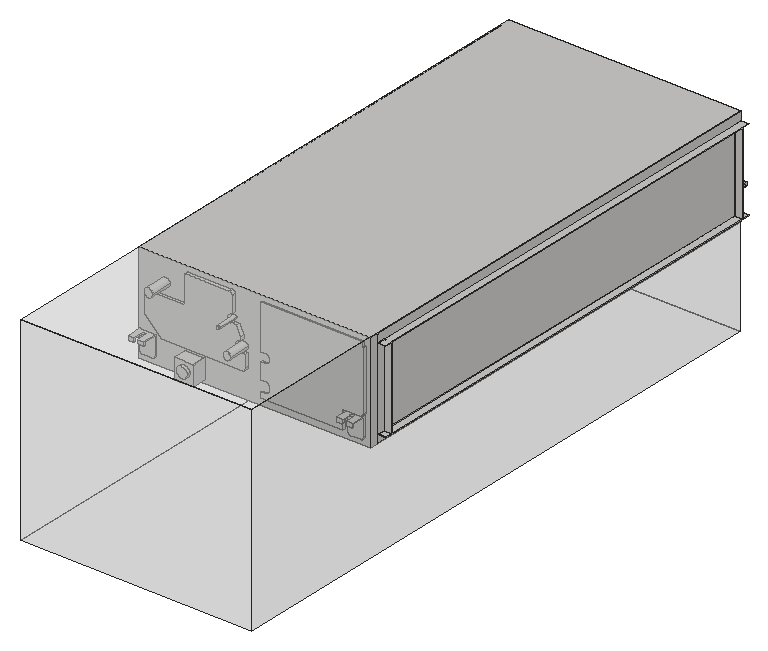
Revit family "outputfile", category 機械設備, Revit 2024
Family settings
  丸型コネクタ寸法 = 半径を使用
  パーツ タイプ = 標準
  OmniClass 番号 = 23.75.10.24.21.27.27
  OmniClass タイトル = Split System Air Conditioning Units
  作業面ベース = いいえ
  常に垂直 = はい
  ロード時にボイドで切り取り = いいえ
  注釈の向きを維持 = いいえ
  共有 = いいえ
  部屋計算ポイント = はい
Parameters (values of type "FXMQ250BFV2S")
  Description = ""
  製造元 = "Daikin"
  書き出し IFC クラス(タイプ) = "IfcUnitaryEquipmentType"
  定義済み IFC タイプ(タイプ) = "AIRCONDITIONINGUNIT"
  Cost = 0
  モデル = "FXMQ250BFV2S"
  Type Comments = ""
  Keynote = ""
  Type Image = (empty or 0)
  Assembly Code = ""
  w_dischargeflange = 1205.0 mm
  w_suctionflange = 1370.0 mm
  r_Liquid Pipe Size = Liquid Pipe Size / 2  # 4.75 mm
  r_Gas Pipe Size = Gas Pipe Size / 2  # 11.1 mm
  r_Drain Pipe Size = Drain Pipe Size / 2  # 12.5 mm
  lw_powersupply = 380.0 mm  # constant formula
  lw_mountinghole_pitch = 631.0 mm  # constant formula
  lw_mountinghole = 27.0 mm  # constant formula
  lw_maintenacesocket = 169.0 mm  # constant formula
  lw_liquidpipe = 290.0 mm  # constant formula
  lw_gaspipe = 318.0 mm  # constant formula
  lw_drainpipe = 80.0 mm  # constant formula
  lh_dischargeflange = 165.0 mm  # constant formula
  lh_powersupply = 56.0 mm  # constant formula
  lh_maintenacesocket = 40.0 mm  # constant formula
  lh_liquidpipe = 212.0 mm  # constant formula
  lh_gaspipe = 144.0 mm  # constant formula
  lh_drainpipe = 232.0 mm  # constant formula
  lh_suctionflange = 150.0 mm  # constant formula
  lh_antena = Height - lh_mountinghole + 1.0 mm  # 221.0 mm
  ld_dischargeflange = 635.0 mm
  ld_powersupply = Depth / 2  # 700.0 mm
  ld_mountinghole_pitch = 1438.0 mm
  ld_suctionflange = 713.0 mm
  h_dischargeflange = 265.0 mm  # constant formula
  lh_mountinghole = 80.0 mm  # constant formula
  h_mountinghole = [h***] + lh_mountinghole  # 80.0 mm
  h_suctionflange = 297.0 mm  # constant formula
  h*** = 0.0 mm  # constant formula
  d_dischargeflange = 25.0 mm  # constant formula
  d_pipe = 65.0 mm
  d_suctionflange = 25.0 mm  # constant formula
  Width = 700.0 mm
  Voltage_comment_50Hz = "220-240"
  Voltage_50Hz = 230 V
  Version = "ver.1.0"
  Unit Type = "Outdoor Air Processing Unit"
  Unit Mass Weight = 47.00 kg
  Unit Designation [instance] = ""
  Uniclass2015Version = "Products v1.30"
  Uniclass2015Title = "Variable refrigerant flow units"
  Uniclass2015Code = "Pr_70_65_03_94"
  URL = ""
  Total Cooling Capacity [instance] = 0.000 kW
  Supply Air Direction [instance] = yes
  Sound Pressure Level_M speed (dBA) = 36
  Sound Pressure Level_L speed (dBA) = 27
  Sound Pressure Level_H speed (dBA) = 44
  Sound Power Level_H speed (dB) = 0
  Series = "VRV Fan Coil Unit"
  Sensible Cooling Capacity [instance] = 0.000 kW
  SA Duct Size Width = 1160.0 mm
  SA Duct Size Height = 215.0 mm
  Refrigerant Type = "R410A"
  Power Input (Cooling) = 0.180 kW
  Phase_50Hz = 1
  Option Accessory 3 [instance] = ""
  Option Accessory 2 [instance] = ""
  Option Accessory 1 [instance] = ""
  OA Duct Size Width = 1325.0 mm
  OA Duct Size Height = 247.0 mm
  Nominal Cooling Capacity = 28.000 kW
  Minimum External Static Pressure = 50.00 Pa
  Minimum Circuit Amps_50Hz = 3.38 A
  Minimum Airflow = 1080.00 m³/h
  Median Airflow = 1620.00 m³/h
  Maximum Fuse Amps_50Hz = 16.0 A
  Maximum External Static Pressure = 200.00 Pa
  Maximum Airflow = 2160.00 m³/h
  Material_Casing = DAIKIN_GalvanizedSteel_Casing_indoorunit
  Load Classification = HVAC
  Liquid Pipe Size = 9.5 mm
  Link_Nested Family [instance] = ""
  IfcVersion = "0"
  IfcExportType = "AIRCONDITIONINGUNIT"
  IfcExportAs = "IfcUnitaryEquipmentType"
  Height = 300.0 mm
  Heat Exchanger Type = "Cross Fin Coil"
  Gas Pipe Size = 22.2 mm
  Frequency_50Hz = 50 Hz
  Fan Type = "Sirocco Fan"
  Fan Drive = "Direct Drive"
  FCU Tag No. [instance] = ""
  Drain Pipe Size = 25.0 mm
  Design Supply Airflow [instance] = 0.00 m³/h
  Design Outdoor Airflow [instance] = 0.00 m³/h
  Design External Static Pressure [instance] = 0.00 Pa
  Depth = 1400.0 mm
  既定の高さ = 0.0 mm
  Cooling Entering Wet Bulb Temperature [instance] = 0.00 °C
  Cooling Entering Dry Bulb Temperature [instance] = 0.00 °C
  Cooling Ambient Wet Bulb Temperature [instance] = 0.00 °C
  Cooling Ambient Dry Bulb Temperature [instance] = 0.00 °C
  Clearance visibility [instance] = yes
  Clearance Top = 0.0 mm
  Clearance Right = 0.0 mm
  Clearance Rear = 0.0 mm
  Clearance Left = 0.0 mm
  Clearance Front = 450.0 mm
  Clearance Bottom = 300.0 mm
Reference planes
  plane 1 "Center (Front/Back)": y = 0
  plane 2: z = 0
  plane 3 "Center (Left/Right)": x = 0
  plane 4 "Back": y = 700
  plane 5 "Front": y = -700
  plane 6 "Left": x = -350
  plane 7 "Right": x = 350
  plane 8 "Top": z = 0
  plane 9 "Bottom": z = -300
  plane 10: y = 700
  plane 11: y = -1150
  plane 12: x = 350
  plane 13: x = -350
  plane 14: z = 0
  plane 15: z = -600
  plane 16: y = -706
  plane 17: y = -710
  plane 18: y = -741
  plane 19: y = -749
  plane 20: y = -765
  plane 21 "ld_drainpipe": x = -270
  plane 22 "ld_liquidpipe": x = -60
  plane 23 "ld_gaspipe": x = -32
  plane 24 "lh_gaspipe": z = -156
  plane 25 "lh_drainpipe": z = -68
  plane 26 "lh_liquidpipe": z = -88
  plane 27 "h_mountinghole": z = -220
  plane 28: x = -323
  plane 29: x = 308
  plane 30: y = 719
  plane 31: y = -719
  plane 32 "lh_powersuply": z = -244
  plane 33 "ld_powersupply": x = 30
  plane 34 "lh_suctionflange": z = -150
  plane 35 "ld_suctionflange": y = 13
  plane 36 "ld_dischargeflange": y = 65
  plane 37 "lh_dischargeflange": z = -135
  plane 38 "lh_maintenacesocket": z = -260
  plane 39 "lw_maintenacesocket": x = -181
Forms (mm)
  Extrusion 1, solid, material "DAIKIN_GalvanizedSteel_Casing_indoorunit" <- "Material_Casing"
    sketch origin (0, 0, 0) x (1, 0, 0) y (0, 0, 1)
      loop
        line (-350, 0) -> (-350, -300) -> (350, -300) -> (350, 0) -> (-350, 0)
    from -700 to 700
  Extrusion 2, solid, material "DAIKIN_GalvanizedSteel_Casing_indoorunit" <- "Material_Casing"
    sketch origin (0, 0, 0) x (1, 0, 0) y (0, 0, 1)
      loop
        line (23.104, -151.299) -> (41.1, -151.326)
        arc (41.1, -151.326) -> (46.767, -153.673) -> (49.114, -159.34) r 8.015
        line (49.114, -159.34) -> (49.104, -169.302)
        arc (49.104, -169.302) -> (46.761, -174.959) -> (41.104, -177.302) r 8
        line (41.104, -177.302) -> (23.104, -177.302) -> (23.104, -227.302) -> (41.104, -227.302)
        arc (41.104, -227.302) -> (46.761, -229.645) -> (49.104, -235.302) r 8
        line (49.104, -235.302) -> (49.104, -251.302)
        arc (49.104, -251.302) -> (46.761, -256.959) -> (41.104, -259.302) r 8
        line (41.104, -259.302) -> (23.104, -259.302) -> (23.104, -274.802) -> (271.104, -274.802) -> (271.104, -224.802)
        arc (271.104, -224.802) -> (272.568, -221.266) -> (276.104, -219.802) r 5
        line (276.104, -219.802) -> (327.104, -219.802)
        spline (327.104, -219.802) -> (327.496, -219.776) -> (327.88, -219.7) -> (328.252, -219.574) -> (328.604, -219.4) -> (328.93, -219.182) -> (329.225, -218.923) -> (329.484, -218.628) -> (329.702, -218.302) -> (329.876, -217.95) -> (330.002, -217.578) -> (330.078, -217.194) -> (330.104, -216.802)
        line (330.104, -216.802) -> (330.104, -213) -> (332, -213)
        arc (332, -213) -> (334.121, -212.121) -> (335, -210) r 3
        line (335, -210) -> (335, -32)
        arc (335, -32) -> (334.121, -29.879) -> (332, -29) r 3
        line (332, -29) -> (330.104, -29) -> (330.104, -15.8) -> (23.104, -15.8) -> (23.104, -151.299)
    from 700 to 706
  Extrusion 3, solid, material "DAIKIN_GalvanizedSteel_Casing_indoorunit" <- "Material_Casing"
    sketch origin (0, 0, 0) x (1, 0, 0) y (0, 0, 1)
      loop
        line (-70, -15.8) -> (-201, -15.8)
        arc (-201, -15.8) -> (-203.121, -16.679) -> (-204, -18.8) r 3
        line (-204, -18.8) -> (-204, -102) -> (-321, -102)
        arc (-321, -102) -> (-323.121, -102.879) -> (-324, -105) r 3
        line (-324, -105) -> (-324, -167.757)
        arc (-324, -167.757) -> (-323.772, -168.905) -> (-323.121, -169.879) r 3
        line (-323.121, -169.879) -> (-274.879, -218.121)
        arc (-274.879, -218.121) -> (-273.905, -218.772) -> (-272.757, -219) r 3
        line (-272.757, -219) -> (-30, -219)
        arc (-30, -219) -> (-22.929, -216.071) -> (-20, -209) r 10
        line (-20, -209) -> (-20, -172.5) -> (-26.169, -172.5)
        arc (-26.169, -172.5) -> (-49.051, -159.94) -> (-34, -138.615) r 17.5
        line (-34, -138.615) -> (-34, -127.5) -> (-47, -100.5) -> (-56.429, -100.5)
        arc (-56.429, -100.5) -> (-72.874, -89.803) -> (-60, -75) r 13
        line (-60, -75) -> (-60, -25.8)
        arc (-60, -25.8) -> (-62.929, -18.729) -> (-70, -15.8) r 10
    from 710 to 700
  Extrusion 4, solid, material "DAIKIN_GalvanizedSteel_Casing_indoorunit" <- "Material_Casing"
    sketch origin (0, 0, 0) x (1, 0, 0) y (0, 0, 1)
      loop
        line (-209.102, -232.7) -> (-209.102, -292.398) -> (-152.898, -292.398) -> (-152.898, -232.7)
        arc (-152.898, -232.7) -> (-153.133, -232.133) -> (-153.7, -231.898) r 0.802
        line (-153.7, -231.898) -> (-208.298, -231.898)
        arc (-208.298, -231.898) -> (-208.865, -232.133) -> (-209.102, -232.7) r 0.802
    from 700 to 741
  Extrusion 5, solid, material "DAIKIN_GalvanizedSteel_Casing_indoorunit" <- "Material_Casing"
    sketch origin (0, 0, 0) x (1, 0, 0) y (0, 0, 1)
      loop
        circle (-181, -260) r 16.5
    from 741 to 749
  Extrusion 6, solid, material "DAIKIN_GalvanizedSteel_Casing_indoorunit" <- "Material_Casing"
    sketch origin (0, 0, 0) x (1, 0, 0) y (0, 0, 1)
      loop
        circle (-270, -68) r 12.5
      loop
        circle (-60, -88) r 4.75
      loop
        circle (-32, -156) r 11.1
    from 700 to 765
Dimensions and locks
  "Height": plane 8 "Top" to plane 9 "Bottom"
  equal spacing: plane 6 "Left", plane 3 "Center (Left/Right)", plane 7 "Right", locked at 350 each
  "Width": plane 6 "Left" to plane 7 "Right"
  equal spacing: plane 4 "Back", plane 1 "Center (Front/Back)", plane 5 "Front"
  "Depth": plane 4 "Back" to plane 5 "Front"
  "Clearance Left": plane 13 to plane 6 "Left"
  "Clearance Right": plane 7 "Right" to plane 12
  "Clearance Rear": plane 10 to plane 4 "Back"
  "Clearance Front": plane 5 "Front" to plane 11
  "Clearance Top": plane 14 to plane 8 "Top"
  "Clearance Bottom": plane 9 "Bottom" to plane 15
  Extrusion 2 sketch curve to Extrusion 2 sketch curve to Extrusion 2 sketch curve = 307.0 mm locked, 4.896 mm locked
  Extrusion 2 sketch curve to Extrusion 2 sketch curve to Extrusion 2 sketch curve to Extrusion 2 sketch curve to Extrusion 2 sketch curve = 26.0 mm locked, 222.0 mm locked, 59.0 mm locked, 4.896 mm locked
  locked: Extrusion 2 sketch curve to Extrusion 2 sketch curve at 26.01
  locked: Extrusion 2 sketch curve to nested 1 at 23.104
  locked: Extrusion 2 sketch curve to plane 3 "Center (Left/Right)" at 23.104
  plane 3 "Center (Left/Right)" to Extrusion 2 sketch curve = 23.104 mm
  Extrusion 2 sketch curve to Extrusion 2 sketch curve to Extrusion 2 sketch curve to Extrusion 2 sketch curve to Extrusion 2 sketch curve = 161.502 mm locked, 50.0 mm locked, 32.0 mm locked, 15.5 mm locked
  locked: Extrusion 2 sketch curve to Extrusion 2 sketch curve at 68.127
  locked: Extrusion 2 sketch curve to Extrusion 2 sketch curve at 13.2
  locked: Extrusion 2 sketch curve to Extrusion 2 sketch curve at 6.802
  locked: Extrusion 2 sketch curve to Extrusion 2 sketch curve at 55
  locked: plane 5 "Front" to plane 16 at 6
  locked: plane 5 "Front" to plane 17 at 10
  locked: plane 5 "Front" to plane 18 at 41
  "d_pipe": plane 5 "Front" to plane 20
  "lw_drainpipe": plane 6 "Left" to plane 21 "ld_drainpipe"
  "lw_liquidpipe": plane 6 "Left" to plane 22 "ld_liquidpipe"
  "lw_gaspipe": plane 6 "Left" to plane 23 "ld_gaspipe"
  "lh_gaspipe": plane 24 "lh_gaspipe" to plane 9 "Bottom"
  "lh_liquidpipe": plane 26 "lh_liquidpipe" to plane 9 "Bottom"
  "lh_drainpipe": plane 25 "lh_drainpipe" to plane 9 "Bottom"
  "lh_mountinghole": plane 27 "h_mountinghole" to plane 9 "Bottom"
  "lw_mountinghole": plane 6 "Left" to plane 28
  "lw_mountinghole_pitch": plane 28 to plane 29
  equal spacing: plane 30, plane 1 "Center (Front/Back)", plane 31
  "ld_mountinghole_pitch": plane 30 to plane 31
  locked: Extrusion 3 sketch curve to plane 6 "Left" at 146
  locked: Extrusion 3 sketch curve to plane 6 "Left" at 290
  locked: plane 6 "Left" to Extrusion 3 sketch curve at 26
  locked: Extrusion 3 sketch curve to plane 6 "Left" at 316
  locked: Extrusion 3 sketch curve to plane 6 "Left" at 330
  locked: Extrusion 3 sketch curve to plane 9 "Bottom" at 81
  locked: Extrusion 3 sketch curve to plane 9 "Bottom" at 284.2
  locked: Extrusion 3 sketch curve to plane 9 "Bottom" at 199.5
  locked: Extrusion 3 sketch curve to plane 9 "Bottom" at 127.5
  locked: Extrusion 3 sketch curve to plane 9 "Bottom" at 198
  "lh_powersupply": plane 32 "lh_powersuply" to plane 9 "Bottom"
  "lw_powersupply": plane 6 "Left" to plane 33 "ld_powersupply"
  "lh_suctionflange": plane 34 "lh_suctionflange" to plane 9 "Bottom"
  "ld_suctionflange": plane 35 "ld_suctionflange" to plane 5 "Front"
  "ld_dischargeflange": plane 4 "Back" to plane 36 "ld_dischargeflange"
  "lh_dischargeflange": plane 37 "lh_dischargeflange" to plane 9 "Bottom"
  locked: plane 5 "Front" to plane 19 at 49
  "lh_maintenacesocket": plane 38 "lh_maintenacesocket" to plane 9 "Bottom"
  "lw_maintenacesocket": plane 6 "Left" to plane 39 "lw_maintenacesocket"
  equal spacing: Extrusion 4 sketch curve, plane 39 "lw_maintenacesocket", Extrusion 4 sketch curve
  locked: Extrusion 4 sketch curve to Extrusion 4 sketch curve at 56.204
  Extrusion 4 sketch curve to plane 38 "lh_maintenacesocket" to Extrusion 4 sketch curve = 28.102 mm locked, 32.398 mm locked
  "r_Drain Pipe Size": radius of Extrusion 6 sketch curve
  "r_Liquid Pipe Size": radius of Extrusion 6 sketch curve
  "r_Gas Pipe Size": radius of Extrusion 6 sketch curve
  aligned and locked: level to plane 2
  aligned and locked: Extrusion 1 sketch curve to plane 8 "Top"
  aligned and locked: plane 6 "Left" to Extrusion 1 sketch curve
  aligned and locked: plane 9 "Bottom" to Extrusion 1 sketch curve
  aligned and locked: Extrusion 1 sketch curve to plane 7 "Right"
  aligned and locked: plane 4 "Back" to Extrusion 1
  aligned and locked: Extrusion 1 to plane 5 "Front"
  aligned and locked: plane 10 to nested 1
  aligned and locked: plane 11 to nested 1
  aligned and locked: plane 12 to nested 1
  aligned and locked: nested 1 to plane 13
  aligned and locked: plane 15 to nested 1
  aligned and locked: plane 14 to nested 1
  aligned and locked: Extrusion 2 to plane 16
  aligned and locked: plane 5 "Front" to Extrusion 2
  aligned and locked: Extrusion 4 to plane 18
  aligned and locked: plane 5 "Front" to Extrusion 4
  aligned and locked: Extrusion 5 to plane 19
  aligned and locked: plane 18 to Extrusion 5
  aligned and locked: plane 25 "lh_drainpipe" to Extrusion 6 sketch curve
  aligned and locked: plane 21 "ld_drainpipe" to Extrusion 6 sketch curve
  aligned and locked: plane 26 "lh_liquidpipe" to Extrusion 6 sketch curve
  aligned and locked: plane 22 "ld_liquidpipe" to Extrusion 6 sketch curve
  aligned and locked: plane 23 "ld_gaspipe" to Extrusion 6 sketch curve
  aligned and locked: plane 24 "lh_gaspipe" to Extrusion 6 sketch curve
  aligned and locked: Extrusion 6 to plane 20
  aligned and locked: plane 5 "Front" to Extrusion 6
  aligned and locked: nested 2 to plane 5 "Front"
  aligned and locked: nested 2 to plane 21 "ld_drainpipe"
  aligned and locked: plane 25 "lh_drainpipe" to nested 2
  aligned and locked: nested 3 to plane 5 "Front"
  aligned and locked: nested 4 to plane 5 "Front"
  aligned and locked: plane 26 "lh_liquidpipe" to nested 3
  aligned and locked: plane 24 "lh_gaspipe" to nested 4
  aligned and locked: plane 29 to nested 5
  aligned and locked: plane 4 "Back" to nested 5
  aligned and locked: plane 27 "h_mountinghole" to nested 5
  aligned and locked: plane 28 to nested 6
  aligned and locked: plane 4 "Back" to nested 6
  aligned and locked: plane 27 "h_mountinghole" to nested 6
  aligned and locked: nested 7 to plane 29
  aligned and locked: plane 5 "Front" to nested 7
  aligned and locked: plane 5 "Front" to nested 8
  aligned and locked: nested 8 to plane 28
  aligned and locked: nested 7 to plane 27 "h_mountinghole"
  aligned and locked: nested 8 to plane 27 "h_mountinghole"
  aligned and locked: Extrusion 3 to plane 17
  aligned and locked: plane 5 "Front" to Extrusion 3
  aligned and locked: nested 11 to plane 28
  aligned and locked: nested 11 to plane 30
  aligned and locked: nested 12 to plane 29
  aligned and locked: nested 12 to plane 30
  aligned and locked: nested 9 to plane 29
  aligned and locked: plane 31 to nested 9
  aligned and locked: nested 10 to plane 28
  aligned and locked: plane 31 to nested 10
  aligned and locked: nested 13 to plane 32 "lh_powersuply"
  aligned and locked: plane 1 "Center (Front/Back)" to nested 14
  aligned and locked: nested 14 to plane 3 "Center (Left/Right)"
  aligned and locked: plane 34 "lh_suctionflange" to nested 15
  aligned and locked: plane 7 "Right" to nested 15
  aligned and locked: plane 35 "ld_suctionflange" to nested 15
  aligned and locked: nested 16 to plane 36 "ld_dischargeflange"
  aligned and locked: nested 16 to plane 6 "Left"
  aligned and locked: plane 37 "lh_dischargeflange" to nested 16
  aligned and locked: nested 17 to plane 6 "Left"
  aligned and locked: nested 17 to plane 36 "ld_dischargeflange"
  aligned and locked: plane 7 "Right" to nested 18
  aligned and locked: plane 35 "ld_suctionflange" to nested 18
  aligned and locked: nested 18 to plane 34 "lh_suctionflange"
  aligned and locked: nested 17 to plane 37 "lh_dischargeflange"
  aligned and locked: plane 38 "lh_maintenacesocket" to Extrusion 5 sketch curve
  aligned and locked: plane 39 "lw_maintenacesocket" to Extrusion 5 sketch curve
  aligned and locked: nested 3 to plane 22 "ld_liquidpipe"
  aligned and locked: nested 4 to plane 23 "ld_gaspipe"
  aligned and locked: nested 13 to plane 33 "ld_powersupply"
  aligned and locked: level to plane 8 "Top"
Automatic sketch dimensions
  Extrusion 2 sketch curve to Extrusion 2 sketch curve = 0.027 mm
  Extrusion 2 sketch curve to Extrusion 2 sketch curve = 8.015 mm
  Extrusion 2 sketch curve to Extrusion 2 sketch curve = 8.01 mm
  Extrusion 2 sketch curve to Extrusion 2 sketch curve = 0.0 mm  (x4)
  Extrusion 2 sketch curve to Extrusion 2 sketch curve = 8.0 mm  (x3)
  Extrusion 2 sketch curve to Extrusion 2 sketch curve = 5.0 mm
  Extrusion 2 sketch curve to Extrusion 2 sketch curve = 3.0 mm  (x2)
  Extrusion 2 sketch curve to Extrusion 2 sketch curve = 1.896 mm  (x2)
  Extrusion 2 sketch curve to plane 8 "Top" = 15.8 mm
  Extrusion 4 sketch curve to Extrusion 4 sketch curve = 0.804 mm
  Extrusion 4 sketch curve to Extrusion 4 sketch curve = 0.802 mm  (x2)
  Extrusion 4 sketch curve to Extrusion 4 sketch curve = 0.0 mm
  plane 23 "ld_gaspipe" to Extrusion 3 sketch curve = 0.0 mm
  Extrusion 3 sketch curve to plane 24 "lh_gaspipe" = 0.0 mm
  Extrusion 3 sketch curve to plane 26 "lh_liquidpipe" = 0.0 mm
  plane 28 to Extrusion 3 sketch curve = 0.121 mm
  Extrusion 3 sketch curve to plane 28 = 2.0 mm  (x2)
  plane 21 "ld_drainpipe" to Extrusion 3 sketch curve = 4.879 mm
  plane 21 "ld_drainpipe" to Extrusion 3 sketch curve = 2.757 mm
  Extrusion 3 sketch curve to Extrusion 3 sketch curve = 3.0 mm  (x2)
  plane 22 "ld_liquidpipe" to Extrusion 3 sketch curve = 10.0 mm
  Extrusion 3 sketch curve to plane 22 "ld_liquidpipe" = 3.571 mm
  Extrusion 3 sketch curve to Extrusion 3 sketch curve = 9.429 mm
  Extrusion 3 sketch curve to plane 23 "ld_gaspipe" = 2.0 mm
  Extrusion 3 sketch curve to plane 23 "ld_gaspipe" = 5.831 mm
  Extrusion 3 sketch curve to plane 24 "lh_gaspipe" = 11.757 mm
  Extrusion 3 sketch curve to Extrusion 3 sketch curve = 11.115 mm
  radius of Extrusion 5 sketch curve = 16.5 mm
Nested families
  nested 1: "daikin_clearancespace" at (0, -225, -299.881), visible <- "Clearance visibility", show <- "Clearance visibility", Link_Nested Family <- "Link_Nested Family", type "daikin_clearancespace"
    with width 700.0 mm, show yes, height 600.0 mm, depth 1850.0 mm, Link_Nested Family ""
  nested 2: "daikin_connector_rotate2" at (-270, -700, -68), length <- "d_pipe", radius <- "r_Drain Pipe Size", type "daikin_connector_rotate2"
    with radius 12.5 mm, length 65.0 mm, angle_vertical 90.00°, show_face no
  nested 3: "daikin_connector_rotate2" at (-60, -700, -88), length <- "d_pipe", radius <- "r_Liquid Pipe Size", type "daikin_connector_rotate2"
    with radius 4.75 mm, length 65.0 mm, angle_vertical 90.00°, show_face no
  nested 4: "daikin_connector_rotate2" at (-32, -700, -156), length <- "d_pipe", radius <- "r_Gas Pipe Size", type "daikin_connector_rotate2"
    with radius 11.1 mm, length 65.0 mm, angle_vertical 90.00°, show_face no
  nested 5: "daikin_hangerfixture_FXMQ-BFV2S" at (308, 700, -220) x (-1, 0, 0) z (0, 0, 1), type "daikin_hangerfixture_FXMQ-BFV2S"
  nested 6: "daikin_hangerfixture_FXMQ-BFV2S" at (-323, 700, -220) x (-1, 0, 0) z (0, 0, 1), type "daikin_hangerfixture_FXMQ-BFV2S"
  nested 7: "daikin_hangerfixture_FXMQ-BFV2S" at (308, -700, -220) x (-1, 0, 0) z (0, 0, 1), type "daikin_hangerfixture_FXMQ-BFV2S"
  nested 8: "daikin_hangerfixture_FXMQ-BFV2S" at (-323, -700, -220) x (-1, 0, 0) z (0, 0, 1), type "daikin_hangerfixture_FXMQ-BFV2S"
  nested 9: "daikin_mountinghole" at (308, -719, -300), Link_Nested Family <- "Link_Nested Family", l_antenna <- "lh_antena", h_mountinghole <- "h_mountinghole", type "daikin_mountinghole"
    with show yes, l_antenna 221.0 mm, h_mountinghole 80.0 mm, Link_Nested Family ""
  nested 10: "daikin_mountinghole" at (-323, -719, -300), Link_Nested Family <- "Link_Nested Family", l_antenna <- "lh_antena", h_mountinghole <- "h_mountinghole", type "daikin_mountinghole"
    with show yes, l_antenna 221.0 mm, h_mountinghole 80.0 mm, Link_Nested Family ""
  nested 11: "daikin_mountinghole" at (-323, 719, -300), Link_Nested Family <- "Link_Nested Family", l_antenna <- "lh_antena", h_mountinghole <- "h_mountinghole", type "daikin_mountinghole"
    with show yes, l_antenna 221.0 mm, h_mountinghole 80.0 mm, Link_Nested Family ""
  nested 12: "daikin_mountinghole" at (308, 719, -300), Link_Nested Family <- "Link_Nested Family", l_antenna <- "lh_antena", h_mountinghole <- "h_mountinghole", type "daikin_mountinghole"
    with show yes, l_antenna 221.0 mm, h_mountinghole 80.0 mm, Link_Nested Family ""
  nested 13: "daikin_connector_rotate2" at (30, 0, -244), length <- "ld_powersupply", type "daikin_connector_rotate2"
    with radius 10.0 mm, length 700.0 mm, angle_vertical 90.00°, show_face no
  nested 14: "daikin_△_symbolicline" at (0, 0, 300) x (0, -1, 0) z (0, 0, 1), visible <- "Supply Air Direction", built-in parameter 1001364 <- "Height", type "daikin_△_symbolicline"
    with length 300.0 mm
  nested 15: "daikin_ductflange_FXMQ-BFV2S" at (350, 13, -298.5) x (0, 1, 0) z (0, 0, 1), depth <- "d_suctionflange", height <- "h_suctionflange", width <- "w_suctionflange", material <- "Material_Casing", type "daikin_ductflange_FXMQ-BFV2S"
    with width 1370.0 mm, top1 25.0 mm, right1 22.5 mm, material DAIKIN_GalvanizedSteel_Casing_indoorunit, left1 22.5 mm, height 297.0 mm, depth 25.0 mm, Bottom1 25.0 mm
  nested 16: "daikin_ductflange_FXMQ-BFV2S" at (-350, 65, -267.5) x (0, -1, 0) z (0, 0, 1), material <- "Material_Casing", depth <- "d_dischargeflange", height <- "h_dischargeflange", width <- "w_dischargeflange", type "daikin_ductflange_FXMQ-BFV2S"
    with width 1205.0 mm, top1 25.0 mm, right1 22.5 mm, material DAIKIN_GalvanizedSteel_Casing_indoorunit, left1 22.5 mm, height 265.0 mm, depth 25.0 mm, Bottom1 25.0 mm
  nested 17: "daikin_connector_rotate2" at (-350, 65, -135) x (0, -1, 0) z (0, 0, 1), length <- "d_dischargeflange", type "daikin_connector_rotate2"
    with radius 10.0 mm, length 25.0 mm, angle_vertical 90.00°, show_face no
  nested 18: "daikin_connector_rotate2" at (350, 13, -150) x (0, 1, 0) z (0, 0, 1), length <- "d_suctionflange", type "daikin_connector_rotate2"
    with radius 10.0 mm, length 25.0 mm, angle_vertical 90.00°, show_face no
Connectors
  piping at (-270, -765, -68), diameter 25, driven by "r_Drain Pipe Size"
    settings: on nested 2, index 1, connector inside diameter 609.6 mm, connector length 0.0 mm, flow factor 0, pipe flow 0.00 m³/h, pressure drop 0.0 Pa, fitting loss kfactor 0, connector angle 0.00°, fixture units 0, engagement length 0.0 mm, angle of deflection 0.00°, flow configuration 1, flow direction 2, fitting loss method 4, system type 16, joint type 0, gender type 0, connector reference index -1, connector utility 0, adjustable connector no, is connector primary yes, connector description "Condensate Drain Piping"
  piping at (-60, -765, -88), diameter 9.5, driven by "r_Liquid Pipe Size"
    settings: on nested 3, index 2, connector inside diameter 609.6 mm, connector length 0.0 mm, flow factor 0, pipe flow 0.00 m³/h, pressure drop 0.0 Pa, fitting loss kfactor 0, connector angle 0.00°, fixture units 0, engagement length 0.0 mm, angle of deflection 0.00°, flow configuration 1, flow direction 1, fitting loss method 0, system type 29, joint type 0, gender type 0, connector reference index -1, connector utility 0, adjustable connector no, is connector primary no, connector description "Refrigerant Liquid Piping"
  piping at (-32, -765, -156), diameter 22.2, driven by "r_Gas Pipe Size"
    settings: on nested 4, index 3, connector inside diameter 609.6 mm, connector length 0.0 mm, flow factor 0, pipe flow 0.00 m³/h, pressure drop 0.0 Pa, fitting loss kfactor 0, connector angle 0.00°, fixture units 0, engagement length 0.0 mm, angle of deflection 0.00°, flow configuration 1, flow direction 2, fitting loss method 0, system type 29, joint type 0, gender type 0, connector reference index -1, connector utility 0, adjustable connector no, is connector primary no, connector description "Refrigerant Gas Piping"
  electrical at (30, -700, -244), driven by "Load Classification"
    settings: on nested 13, index 4, voltage 0 V, apparent load 0 VA, apparent load phase1 0 VA, apparent load phase2 0 VA, apparent load phase3 0 VA, power factor 1, load classification "HVAC", number of poles 1, system type 30, power factor state 1, is connector primary yes, connector utility no, sub classification motor no, connector description "Power Supply"
  hvac at (375, 13, -150), driven by "OA Duct Size Height", driven by "OA Duct Size Width"
    settings: on nested 15, index 5, duct flow 0.00 m³/h, flow factor 0, pres drop 0.00 Pa, loss coef 0, conn angle 0.00°, conn width 1325.0 mm, conn height 247.0 mm, conn diameter 609.6 mm, duct sys type 1, conn prof type 1, flow config 0, flow direction 1, loss method 4, conn ref index -1, conn util no, is conn primary no, conn desc "OA Duct"
  hvac at (-375, 65, -135), driven by "SA Duct Size Height", driven by "SA Duct Size Width"
    settings: on nested 16, index 6, duct flow 0.00 m³/h, flow factor 0, pres drop 0.00 Pa, loss coef 0, conn angle 0.00°, conn width 1160.0 mm, conn height 215.0 mm, conn diameter 609.6 mm, duct sys type 1, conn prof type 1, flow config 0, flow direction 2, loss method 4, conn ref index -1, conn util no, is conn primary yes, conn desc "SA Duct"
Definition of nested family "daikin_clearancespace"
  Parameters (values of type "daikin_clearancespace")
    width [instance] = 1823.963 mm
    show [instance] = yes
    material = none
    height [instance] = 1359.762 mm
    depth [instance] = 880.0 mm
    Default Elevation = 0.0 mm
    Link_Nested Family [instance] = ""
  Reference planes
    plane 1 "Center (Front/Back)": y = 0
    plane 2 "Center (Elevation)": z = -0.119
    plane 3 "Center (Left/Right)": x = 0
    plane 4: y = 440
    plane 5: y = -440
    plane 6 "Right": x = 911.982
    plane 7 "Left": x = -911.982
    plane 8 "Top": z = 679.762
    plane 9 "Bottom": z = -680
  Forms (mm)
    Extrusion 1, solid, material <- "material", visible <- "show"
      sketch origin (0, 0, 0) x (1, 0, 0) y (0, 1, 0)
        loop
          line (-911.982, 440) -> (-911.982, -440) -> (911.982, -440) -> (911.982, 440) -> (-911.982, 440)
      from -680 to 679.762
  Lines and regions (mm)
    symbolic lines, visible <- "show"
      curve 1: line (911.982, 440, 0) -> (-911.982, 440, 0)
      curve 2: line (-911.982, 440, 0) -> (-911.982, -440, 0)
      curve 3: line (-911.982, -440, 0) -> (911.982, -440, 0)
      curve 4: line (911.982, -440, 0) -> (911.982, 440, 0)
      curve 5: line (911.982, 0, 679.762) -> (-911.982, 0, 679.762)
      curve 6: line (911.982, 0, -680) -> (911.982, 0, 679.762)
      curve 7: line (-911.982, 0, -680) -> (911.982, 0, -680)
      curve 8: line (-911.982, 0, 679.762) -> (-911.982, 0, -680)
      curve 9: line (0, 440, 679.762) -> (0, -440, 679.762)
      curve 10: line (0, -440, 679.762) -> (0, -440, -680)
      curve 11: line (0, 440, -680) -> (0, 440, 679.762)
      curve 12: line (0, -440, -680) -> (0, 440, -680)
  Dimensions and locks
    "width": plane 7 "Left" to plane 6 "Right"
    "depth": plane 4 to plane 5
    "height": plane 8 "Top" to plane 9 "Bottom"
    equal spacing: plane 7 "Left", plane 3 "Center (Left/Right)", plane 6 "Right"
    equal spacing: plane 4, plane 1 "Center (Front/Back)", plane 5
    equal spacing: plane 8 "Top", plane 2 "Center (Elevation)", plane 9 "Bottom"
    aligned and locked: level to plane 2 "Center (Elevation)"
    aligned and locked: Extrusion 1 sketch curve to plane 4
    aligned and locked: plane 7 "Left" to Extrusion 1 sketch curve
    aligned and locked: Extrusion 1 sketch curve to plane 5
    aligned and locked: Extrusion 1 sketch curve to plane 6 "Right"
    aligned and locked: plane 8 "Top" to Extrusion 1
    aligned and locked: curve 1 to Extrusion 1
    aligned and locked: curve 2 to Extrusion 1
    aligned and locked: curve 3 to Extrusion 1
    aligned and locked: curve 4 to Extrusion 1
    aligned and locked: curve 5 to Extrusion 1
    aligned and locked: curve 6 to Extrusion 1
    aligned and locked: curve 7 to Extrusion 1
    aligned and locked: curve 8 to Extrusion 1
    aligned and locked: curve 9 to Extrusion 1
    aligned and locked: curve 10 to Extrusion 1
    aligned and locked: curve 11 to Extrusion 1
    aligned and locked: curve 12 to Extrusion 1
    aligned and locked: Extrusion 1 to plane 9 "Bottom"
Definition of nested family "daikin_hangerfixture_FXMQ-BFV2S"
  Parameters (values of type "daikin_hangerfixture_CeilingMountedDuct")
    width = 48.0 mm
    material = none
    height = 65.0 mm
    depth = 45.0 mm
    Default Elevation = 0.0 mm
  Reference planes
    plane 1 "Center (Front/Back)": y = 0
    plane 2: z = 0
    plane 3 "Center (Left/Right)": x = 0
    plane 4: y = 417.146
    plane 5: y = -45
    plane 6: x = -24
    plane 7: x = 24
    plane 8: z = -2.3
    plane 9: z = -65
    plane 10: y = -2.3
    plane 11: z = -12
    plane 12: y = -42.7
  Forms (mm)
    Extrusion 1, solid, material <- "material"
      sketch origin (0, 0, 0) x (1, 0, 0) y (0, 1, 0)
        loop
          line (24, 0) -> (-24, 0) -> (-24, -45) -> (-6, -45) -> (-6, -19)
          arc (-6, -19) -> (0, -13) -> (6, -19) r 6
          line (6, -19) -> (6, -45) -> (24, -45) -> (24, 0)
      from 0 to -2.3
    Extrusion 2, solid, material <- "material"
      sketch origin (0, 0, 0) x (1, 0, 0) y (0, 0, 1)
        loop
          line (24, -55) -> (24, 0) -> (-24, 0) -> (-24, -55)
          arc (-24, -55) -> (-21.071, -62.071) -> (-14, -65) r 10
          line (-14, -65) -> (14, -65)
          arc (14, -65) -> (21.071, -62.071) -> (24, -55) r 10
      from 0 to 2.3
    Extrusion 3, solid, material <- "material"
      sketch origin (0, 0, 0) x (1, 0, 0) y (0, 0, 1)
        loop
          line (-6, -9) -> (-6, 0) -> (-24, 0) -> (-24, -9)
          arc (-24, -9) -> (-23.121, -11.121) -> (-21, -12) r 3
          line (-21, -12) -> (-9, -12)
          arc (-9, -12) -> (-6.879, -11.121) -> (-6, -9) r 3
        loop
          line (6, 0) -> (6, -9)
          arc (6, -9) -> (6.879, -11.121) -> (9, -12) r 3
          line (9, -12) -> (21, -12)
          arc (21, -12) -> (23.121, -11.121) -> (24, -9) r 3
          line (24, -9) -> (24, 0) -> (6, 0)
      from 42.7 to 45
  Cuts and joins
    joined: Extrusion 1, Extrusion 2, Extrusion 3
  Dimensions and locks
    "width": plane 6 to plane 7
    "depth": plane 5 to plane 1 "Center (Front/Back)"
    plane 2 to plane 8 = 2.3 mm
    "height": plane 2 to plane 9
    locked: plane 10 to plane 1 "Center (Front/Back)" at 2.3
    locked: plane 2 to plane 11 at 12
    locked: plane 12 to plane 5 at 2.3
    aligned and locked: level to plane 2
    aligned and locked: Extrusion 1 sketch curve to plane 1 "Center (Front/Back)"
    aligned and locked: plane 7 to Extrusion 1
    aligned and locked: Extrusion 1 to plane 6
    aligned and locked: Extrusion 1 to plane 5  (x2)
    aligned and locked: Extrusion 1 to plane 8
    aligned and locked: plane 2 to Extrusion 1
    aligned and locked: plane 2 to Extrusion 2 sketch curve
    aligned and locked: Extrusion 2 to plane 9
    aligned and locked: Extrusion 2 to plane 10
    aligned and locked: Extrusion 2 to plane 1 "Center (Front/Back)"
    aligned and locked: plane 2 to Extrusion 3 sketch curve  (x2)
    aligned and locked: Extrusion 3 to plane 11  (x2)
    aligned and locked: plane 12 to Extrusion 3
    aligned and locked: Extrusion 3 to plane 5
  Automatic sketch dimensions
    Extrusion 1 sketch curve to plane 6 = 0.0 mm
    Extrusion 1 sketch curve to plane 5 = 0.0 mm  (x2)
    Extrusion 1 sketch curve to plane 3 "Center (Left/Right)" = 0.0 mm
    Extrusion 1 sketch curve to plane 7 = 0.0 mm
    Extrusion 1 sketch curve to plane 3 "Center (Left/Right)" = 6.0 mm
    plane 1 "Center (Front/Back)" to Extrusion 1 sketch curve = 19.0 mm
    Extrusion 2 sketch curve to plane 7 = 0.0 mm
    Extrusion 2 sketch curve to plane 7 = 10.0 mm
    Extrusion 2 sketch curve to plane 8 = 52.7 mm
    plane 6 to Extrusion 2 sketch curve = 10.0 mm
    Extrusion 2 sketch curve to plane 6 = 0.0 mm
    Extrusion 3 sketch curve to plane 6 = 0.0 mm
    Extrusion 3 sketch curve to plane 7 = 0.0 mm
    Extrusion 3 sketch curve to Extrusion 3 sketch curve = 3.0 mm  (x2)
    Extrusion 3 sketch curve to plane 8 = 6.7 mm
    Extrusion 3 sketch curve to plane 3 "Center (Left/Right)" = 9.0 mm
    Extrusion 3 sketch curve to plane 3 "Center (Left/Right)" = 6.0 mm
    plane 3 "Center (Left/Right)" to Extrusion 3 sketch curve = 6.0 mm
    Extrusion 3 sketch curve to plane 7 = 3.0 mm
    Extrusion 3 sketch curve to plane 8 = 9.7 mm
Definition of nested family "daikin_ductflange_FXMQ-BFV2S"
  Parameters (values of type "daikin_ductflange_CeilingMountedDuct")
    width [instance] = 670.0 mm
    right1 [instance] = 22.5 mm
    left1 [instance] = 22.5 mm
    Bottom1 [instance] = 25.0 mm
    material [instance] = none
    height [instance] = 272.0 mm
    depth [instance] = 25.0 mm
    top1 [instance] = 25.0 mm
    Default Elevation = 0.0 mm
  Reference planes
    plane 1 "Center (Front/Back)": y = 0
    plane 2: z = 0
    plane 3 "Center (Left/Right)": x = 0
    plane 4: y = -25
    plane 5: x = -335
    plane 6: x = 335
    plane 7 "Top": z = 272
    plane 8: y = -1
    plane 9: x = -312.5
    plane 10: x = 312.5
    plane 11: z = 247
    plane 12: z = 25
    plane 13 "Center (Elevation)": z = 136
  Forms (mm)
    Extrusion 1, solid, material <- "material"
      sketch origin (0, 0, 0) x (1, 0, 0) y (0, 0, 1)
        loop
          line (-335, 272) -> (-335, 0) -> (335, 0) -> (335, 272) -> (-335, 272)
        loop
          line (-312.5, 247) -> (-312.5, 25) -> (312.5, 25) -> (312.5, 247) -> (-312.5, 247)
      from 0 to 1
    Extrusion 2, solid, material <- "material"
      sketch origin (0, 0, 0) x (1, 0, 0) y (0, 1, 0)
        loop
          line (-312.5, -1) -> (-313.496, -1) -> (-313.496, -25) -> (-312.5, -25) -> (-312.5, -1)
        loop
          line (312.5, -1) -> (312.5, -25) -> (313.496, -25) -> (313.496, -1) -> (312.5, -1)
      from 25 to 247
    Extrusion 3, solid, material <- "material"
      sketch origin (0, 0, 0) x (0, 1, 0) y (0, 0, 1)
        loop
          line (-1, 247) -> (-1, 247.958) -> (-25, 247.958) -> (-25, 247) -> (-1, 247)
        loop
          line (-1, 25) -> (-25, 25) -> (-25, 24.042) -> (-1, 24.042) -> (-1, 25)
      from -335 to 335
  Cuts and joins
    joined: Extrusion 1, Extrusion 2, Extrusion 3
  Dimensions and locks
    "height": plane 7 "Top" to plane 2
    "width": plane 5 to plane 6
    equal spacing: plane 5, plane 3 "Center (Left/Right)", plane 6
    "depth": plane 1 "Center (Front/Back)" to plane 4
    locked: plane 8 to plane 1 "Center (Front/Back)" at 1
    "left1": plane 5 to plane 9
    "right1": plane 10 to plane 6
    locked: Extrusion 2 sketch curve to Extrusion 2 sketch curve at 0.996  (x2)
    "top1": plane 7 "Top" to plane 11
    "Bottom1": plane 12 to plane 2
    equal spacing: plane 7 "Top", plane 13 "Center (Elevation)", plane 2
    locked: Extrusion 3 sketch curve to Extrusion 2 at 0.958  (x2)
    aligned and locked: level to plane 2
    aligned and locked: Extrusion 1 sketch curve to plane 7 "Top"
    aligned and locked: plane 5 to Extrusion 1 sketch curve
    aligned and locked: Extrusion 1 sketch curve to plane 6
    aligned and locked: plane 2 to Extrusion 1 sketch curve
    aligned and locked: Extrusion 1 to plane 8
    aligned and locked: Extrusion 2 sketch curve to plane 8
    aligned and locked: Extrusion 2 sketch curve to plane 9
    aligned and locked: plane 8 to Extrusion 2 sketch curve
    aligned and locked: Extrusion 2 sketch curve to plane 10
    aligned and locked: plane 11 to Extrusion 2
    aligned and locked: Extrusion 2 to plane 12
    aligned and locked: plane 8 to Extrusion 3 sketch curve
    aligned and locked: Extrusion 3 sketch curve to plane 11
    aligned and locked: Extrusion 3 sketch curve to plane 8
    aligned and locked: Extrusion 3 sketch curve to plane 12
    aligned and locked: Extrusion 3 to plane 5
    aligned and locked: plane 6 to Extrusion 3
    aligned and locked: plane 4 to Extrusion 2 sketch curve
    aligned and locked: Extrusion 2 sketch curve to plane 4
    aligned and locked: plane 4 to Extrusion 3 sketch curve
    aligned and locked: Extrusion 3 sketch curve to plane 4
    aligned and locked: plane 9 to Extrusion 1 sketch curve
    aligned and locked: Extrusion 1 sketch curve to plane 10
    aligned and locked: plane 12 to Extrusion 1 sketch curve
    aligned and locked: Extrusion 1 sketch curve to plane 11
Definition of nested family "daikin_connector_rotate2"
  Parameters (values of type "daikin_connector_rotate2")
    show_face = yes
    radius [instance] = 10.0 mm
    length [instance] = 600.0 mm
    d_surface = 10.0 mm
    angle_vertical [instance] = 90.00°
    Default Elevation = 0.0 mm
  Reference planes
    plane 1 "Center (Front/Back)": y = 0
    plane 2: z = 0
    plane 3 "Center (Left/Right)": x = 0
  Forms (mm)
    Extrusion 1, solid, visible <- "show_face"
      sketch origin (0, -600, 0) x (1, 0, 0) y (0, 0, 1)
        loop
          circle (0, 0) r 10
      from 0 to -10
  Lines and regions (mm)
    reference lines
      curve 1: line (0, 0, 0) -> (0, -600, 0)
    symbolic lines
      curve 2: circle (0, 0, 0) r 5 normal (0, 0, 1)
    model lines, visible <- "show_face"
      curve 3: line (0, 0, 0) -> (0, -600, 0)
  Dimensions and locks
    "length": curve 1 to curve 1
    "length": curve 3 to curve 3
    "d_surface": Extrusion 1 to Extrusion 1
    "radius": radius of Extrusion 1 sketch curve
    "angle_vertical": angle curve 1 to plane 1 "Center (Front/Back)"
    "angle_vertical": angle curve 3 to plane 1 "Center (Front/Back)"
    aligned and locked: level to plane 2
    aligned and locked: plane 1 "Center (Front/Back)" to curve 1
    aligned and locked: plane 2 to curve 1
    aligned and locked: plane 1 "Center (Front/Back)" to curve 2
    aligned and locked: plane 3 "Center (Left/Right)" to curve 2
    aligned and locked: plane 1 "Center (Front/Back)" to curve 3
    aligned and locked: plane 2 to curve 3
    aligned and locked: Extrusion 1 to Extrusion 1
  Automatic sketch dimensions
    Extrusion 1 sketch curve to level = 0.0 mm
    Extrusion 1 sketch curve to plane 3 "Center (Left/Right)" = 0.0 mm
    radius of curve 2 = 5.0 mm
Definition of nested family "daikin_mountinghole"
  Parameters (values of type "daikin_mountinghole")
    Default Elevation = 1219.2 mm
    Type Comments = "mountinghole"
    show [instance] = yes
    material = none
    l_centerline = 100.0 mm
    l_antenna [instance] = 100.0 mm
    h_mountinghole [instance] = 0.0 mm
    d_circle = 30.0 mm
    Link_Nested Family [instance] = ""
  Reference planes
    plane 1 "Center (Front/Back)": y = 0
    plane 2: z = 0
    plane 3 "Center (Left/Right)": x = 0
    plane 4: y = 50
    plane 5: x = -50
    plane 6: x = 50
    plane 7: y = -50
    plane 8 "h_mountinghole": z = 0
    plane 9: z = 100
  Lines and regions (mm)
    model lines, detail levels fine
      curve 1: circle (0, 0, 0) r 15 normal (0, 0, 1)
      curve 2: line (-50, 0, 0) -> (50, 0, 0)
      curve 3: line (0, 50, 0) -> (0, -50, 0)
    symbolic lines, detail levels fine
      curve 4: circle (0, 0, 0) r 15 normal (0, 0, 1)
      curve 5: line (-50, 0, 0) -> (50, 0, 0)
      curve 6: line (0, 50, 0) -> (0, -50, 0)
    model lines
      curve 7: line (0, 0, 100) -> (0, 0, 0)
  Dimensions and locks
    equal spacing: plane 4, plane 1 "Center (Front/Back)", plane 7
    "l_centerline": plane 4 to plane 7
    equal spacing: plane 5, plane 3 "Center (Left/Right)", plane 6
    "l_centerline": plane 5 to plane 6
    "l_antenna": plane 9 to plane 8 "h_mountinghole"
    "h_mountinghole": plane 8 "h_mountinghole" to plane 2
    "d_circle": diameter of curve 1
    "d_circle": diameter of curve 4
    aligned and locked: level to plane 2
    aligned and locked: plane 1 "Center (Front/Back)" to curve 1
    aligned and locked: plane 3 "Center (Left/Right)" to curve 1
    aligned and locked: plane 1 "Center (Front/Back)" to curve 2
    aligned and locked: curve 3 to plane 3 "Center (Left/Right)"
    aligned and locked: plane 6 to curve 2
    aligned and locked: plane 5 to curve 2
    aligned and locked: plane 4 to curve 3
    aligned and locked: plane 7 to curve 3
    aligned and locked: plane 1 "Center (Front/Back)" to curve 4
    aligned and locked: plane 3 "Center (Left/Right)" to curve 4
    aligned and locked: plane 6 to curve 5
    aligned and locked: plane 5 to curve 5
    aligned and locked: plane 1 "Center (Front/Back)" to curve 5
    aligned and locked: plane 4 to curve 6
    aligned and locked: plane 7 to curve 6
    aligned and locked: curve 6 to plane 3 "Center (Left/Right)"
    aligned and locked: curve 7 to plane 3 "Center (Left/Right)"
    aligned and locked: plane 9 to curve 7
    aligned and locked: plane 8 "h_mountinghole" to curve 7
Definition of nested family "daikin_△_symbolicline"
  Parameters (values of type "daikin_△_symbolicline")
    length [instance] = 500.0 mm
    Default Elevation = 0.0 mm
  Reference planes
    plane 1 "Center (Front/Back)": y = 0
    plane 2: z = 0
    plane 3 "Center (Left/Right)": x = 0
  Lines and regions (mm)
    symbolic lines
      curve 1: line (0, -433.013, 0) -> (250, 0, 0)
      curve 2: line (250, 0, 0) -> (-250, 0, 0)
      curve 3: line (-250, 0, 0) -> (0, -433.013, 0)
  Dimensions and locks
    equal spacing: curve 3, plane 3 "Center (Left/Right)", curve 2
    "length": curve 3 to curve 2
    "length": curve 3 to curve 3
    "length": curve 1 to curve 1
    aligned and locked: level to plane 2
    aligned and locked: curve 2 to plane 1 "Center (Front/Back)"
    aligned and locked: plane 3 "Center (Left/Right)" to curve 3
